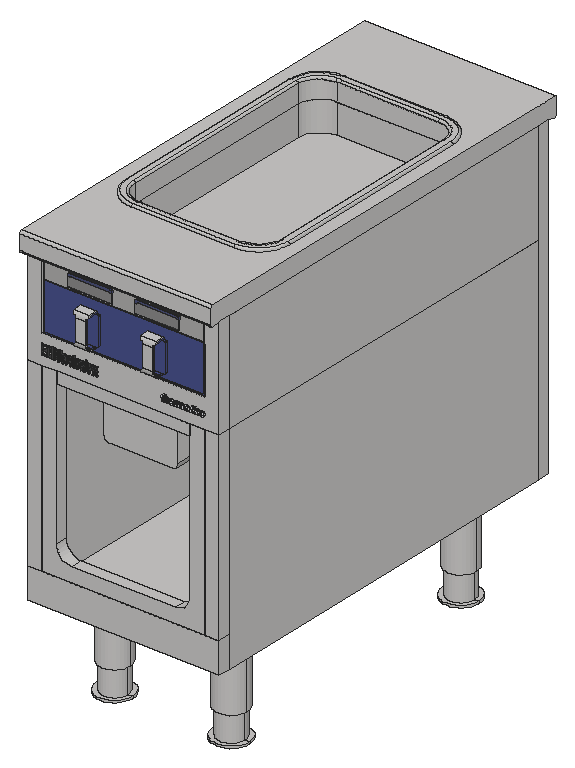
Revit family "QF_ELECTROLUXPROFESSIONAL_589818_MCAGEAD1DM", category Attrezzature speciali, Revit 2021 (continued)
Definition of nested family "QF_ELECTROLUXPROFESSIONAL_589818_BASE"
  Forms (mm)
    Extrusion 6, solid
      sketch origin (0, -900, 0) x (1, 0, 0) y (0, 0, 1)
        loop
          line (370, 265) -> (400, 265) -> (400, 650) -> (370, 650) -> (370, 265)
      from -20 to -45
  Cuts and joins
    Extrusion 3 cuts Extrusion 1
    joined: Extrusion 1, Extrusion 4
  Lines and regions (mm)
    symbolic lines
      curve 1: line (0, 0, 0) -> (400, 0, 0)
      curve 2: line (0, -900, 0) -> (0, 0, 0)
      curve 3: line (400, -900, 0) -> (0, -900, 0)
      curve 4: line (400, 0, 0) -> (400, -900, 0)
  Dimensions and locks
    plane 3 "LEFT" to plane 4 "RIGHT" = 400 mm
    plane 5 "FRONT" to plane 1 "BACK" = 900 mm
    equal spacing: plane 3 "LEFT", plane 7 "Center (Left/Right)", plane 4 "RIGHT"
    equal spacing: plane 5 "FRONT", plane 8 "Center (Front/Back)", plane 1 "BACK"
    plane 6 "PLAIN" to plane 9 "TOP" = 250 mm
    plane 10 "BASE" to level = 200 mm
    plane 9 "TOP" to plane 10 "BASE" = 450 mm
    locked: plane 1 "BACK" to plane 13 "Feet_back" at 150
    locked: plane 14 "Feet_Front" to plane 5 "FRONT" at 130
    locked: plane 12 to plane 3 "LEFT" at 78
    locked: plane 11 to plane 4 "RIGHT" at 78
    locked: plane 15 to plane 10 "BASE" at 65
    locked: plane 1 "BACK" to plane 16 at 45
    plane 9 "TOP" to Extrusion 4 sketch curve = 23 mm
    plane 6 "PLAIN" to level = 900 mm
    locked: plane 16 to plane 18 at 25
    locked: plane 19 to plane 5 "FRONT" at 20
    locked: plane 17 to plane 19 at 25
    plane 16 to plane 19 = 835 mm
    plane 4 "RIGHT" to plane 3 "LEFT" = 400 mm
    aligned and locked: level to plane 2
    aligned and locked: Extrusion 1 to plane 4 "RIGHT"
    aligned and locked: Extrusion 1 to plane 3 "LEFT"
    aligned and locked: Extrusion 2 to plane 4 "RIGHT"
    aligned and locked: plane 9 "TOP" to Extrusion 3 sketch curve
    aligned and locked: Extrusion 2 to plane 10 "BASE"
    aligned and locked: Extrusion 2 to plane 15
    aligned and locked: plane 15 to Extrusion 3 sketch curve
    aligned and locked: Extrusion 4 to plane 16
    aligned and locked: cut or joined group of Extrusion 1, Extrusion 3, Extrusion 4 to plane 18
    aligned and locked: cut or joined group of Extrusion 1, Extrusion 3, Extrusion 4 to plane 16
    aligned and locked: Extrusion 2 to plane 17
    aligned and locked: plane 19 to Extrusion 2
    aligned and locked: plane 19 to cut or joined group of Extrusion 1, Extrusion 3, Extrusion 4
  Automatic sketch dimensions
    curve 3 to plane 3 "LEFT" = 0 mm
    curve 3 to plane 4 "RIGHT" = 0 mm
    plane 5 "FRONT" to curve 3 = 0 mm
    plane 1 "BACK" to curve 2 = 0 mm
    Extrusion 1 sketch curve to plane 10 "BASE" = 0 mm
    plane 17 to Extrusion 1 sketch curve = 0 mm
    Extrusion 1 sketch curve to plane 16 = 0 mm
    Extrusion 1 sketch curve to plane 9 "TOP" = 0 mm
    plane 15 to Extrusion 2 sketch curve = 0 mm
    Extrusion 2 sketch curve to plane 19 = 0 mm
    Extrusion 2 sketch curve to plane 10 "BASE" = 0 mm
    Extrusion 2 sketch curve to plane 17 = 0 mm
    Extrusion 4 sketch curve to plane 9 "TOP" = 0 mm
    Extrusion 5 sketch curve to plane 9 "TOP" = 0 mm  (x2)
    Extrusion 5 sketch curve to plane 15 = 0 mm
    Extrusion 5 sketch curve to Extrusion 5 sketch curve = 32 mm
    Extrusion 5 sketch curve to Extrusion 5 sketch curve = 30 mm
    Extrusion 5 sketch curve to plane 15 = 30 mm
    Extrusion 6 sketch curve to plane 3 "LEFT" = 0 mm
    Extrusion 6 sketch curve to plane 9 "TOP" = 0 mm  (x2)
    Extrusion 6 sketch curve to plane 15 = 0 mm  (x2)
    plane 4 "RIGHT" to Extrusion 6 sketch curve = 0 mm
    plane 3 "LEFT" to Extrusion 6 sketch curve = 30 mm
    plane 4 "RIGHT" to Extrusion 6 sketch curve = 30 mm
    Extrusion 3 sketch curve to plane 12 = 18 mm
    Extrusion 4 sketch curve to plane 12 = 18 mm
    plane 12 to Extrusion 5 sketch curve = 14 mm
    plane 3 "LEFT" to Extrusion 5 sketch curve = 30 mm
    plane 11 to Extrusion 3 sketch curve = 18 mm
    plane 11 to Extrusion 4 sketch curve = 18 mm
    Extrusion 5 sketch curve to plane 11 = 14 mm
    plane 11 to Extrusion 5 sketch curve = 18 mm
Definition of nested family "FEET200_MARINE"
  Parameters (values of type "FEET200_MARINE")
    Default Elevation = 0 mm
    FEET = 200 mm
  Reference planes
    plane 1 "Center (Front/Back)": y = 0
    plane 2: z = 0
    plane 3 "Center (Left/Right)": x = 0
    plane 4: z = 200
  Forms (mm)
    Revolve 1, solid
      sketch origin (0, 0, 0) x (1, 0, 0) y (0, 0, 1)
        loop
          line (0, 200) -> (-38, 200) -> (-38, 196) -> (-33, 196) -> (-33, 59) -> (-28, 59) -> (-28, 4) -> (-38, 4) -> (-38, 0) -> (0, 0) -> (0, 200)
        axis (0, 0) -> (0, 200)
      angle from 0 to 360
  Lines and regions (mm)
    symbolic lines
      curve 1: line (0, -1.503, 0) -> (0, 1.508, 0)
      curve 2: line (1.561, 0, 0) -> (-1.439, 0, 0)
  Dimensions and locks
    "FEET": plane 4 to plane 2
    aligned and locked: level to plane 2
  Automatic sketch dimensions
    plane 1 "Center (Front/Back)" to curve 2 = 0 mm
    curve 1 to plane 3 "Center (Left/Right)" = 0 mm
    curve 2 to plane 3 "Center (Left/Right)" = 1.439 mm
    plane 3 "Center (Left/Right)" to curve 2 = 1.561 mm
    plane 1 "Center (Front/Back)" to curve 1 = 1.503 mm
    curve 1 to plane 1 "Center (Front/Back)" = 1.508 mm
    Revolve 1 sketch curve to plane 4 = 0 mm
    Revolve 1 sketch curve to level = 0 mm  (x2)
    Revolve 1 sketch curve to plane 3 "Center (Left/Right)" = 0 mm  (x2)
    Revolve 1 sketch curve to plane 3 "Center (Left/Right)" = 28 mm
    Revolve 1 sketch curve to Revolve 1 sketch curve = 5 mm  (x2)
    level to Revolve 1 sketch curve = 4 mm
    Revolve 1 sketch curve to Revolve 1 sketch curve = 10 mm
    Revolve 1 sketch curve to Revolve 1 sketch curve = 55 mm
    plane 4 to Revolve 1 sketch curve = 40 mm
    Revolve 1 sketch curve to plane 4 = 4 mm
